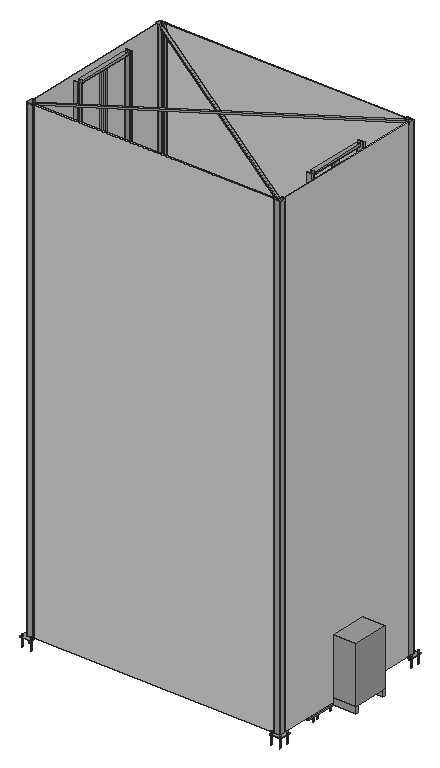
Revit family "1SE_Trez_TC_2C_T_1000_With_Pit", category Specialty Equipment, Revit 2019
Family settings
  Round Connector Dimension = Use Diameter
  Part Type = Normal
  Work Plane-Based = No
  Always vertical = Yes
  Cut with Voids When Loaded = Yes
  Shared = No
  Room Calculation Point = No
Parameters (values of type "Platform-3300x2480mm with Door Height 2500mm")
  Safe Working Load = 1000.00 kg  # constant formula
  Safe Space = if(Cabin or Platform = Cabin, 900.0 mm, if(and(Cabin or Platform = Platform, Door Clear Height > 1900.0 mm), 600.0 mm, 0.0 mm))  # 600.0 mm
  Platform = Speciality_Equipment_Trez_Platform : Platform
  Door Clear Width = Clear Width  # 3300.0 mm
  Door Clear Height = 2500.0 mm
  Clear Width = 3300.0 mm
  URL = "https://trez.bg/en/products/goods-only-lift-tc/tc-2ct-two-cylinders-and-tower/"
  Tower Width = Real Width + 2 * Clearance  # 4030.0 mm
  Tower Depth = Real Depth + 180.0 mm  # 2660.0 mm
  Tower Cladding Material = TREZ_Steel_Cladding
  Real Width = if(Clear Width < 1200.0 mm, 1200.0 mm, if(Clear Width > 3300.0 mm, 3300.0 mm, Clear Width))  # 3300.0 mm
  Real Depth = if(Clear Depth < 1200.0 mm, 1200.0 mm, if(Clear Depth > 2480.0 mm, 2480.0 mm, Clear Depth))  # 2480.0 mm
  Profiles Material = TREZ_Steel_Profiles
  Platform Material = TREZ_Steel_Platform
  Pit Height = 120.0 mm  # constant formula
  Travel = 4500.0 mm
  Rail Height = Travel + Pit Height + Headroom  # 7720.0 mm
  Model = "TC 2C T 1000"
  Manufacturer = "TREZ Ltd."
  Headroom = Door Clear Height + Safe Space  # 3100.0 mm
  Description = "Trez Compact 2 Cylinders Tower. Goods only lift."  # constant formula
  Clear Depth = 2480.0 mm
  Created By URL = "https://all1studio.com/"
  Created By = "All 1 Studio Ltd."
  Clearance = 365.0 mm  # constant formula
  Cabin or Platform Back = yes
  Cabin or Platform = Speciality_Equipment_Trez_Platform : Platform
  Cabin = Speciality_Equipment_Trez_Cabin : Cabin
Reference planes
  plane 1 "Center (Front/Back)": y = 0
  plane 2: z = 0
  plane 3 "Center (Left/Right)": x = 0
  plane 4: x = -1650
  plane 5: x = 1650
  plane 6: y = 1240
  plane 7: y = -1240
  plane 8: x = 2015
  plane 9: y = 1350
  plane 10: x = -2015
  plane 11: y = -1310
  plane 12: x = 1960
  plane 13: x = -1960
  plane 14: y = 1295
  plane 15: y = -1255
  plane 16: z = 4500
  plane 17 "Top of Lift": z = 7600
  plane 18 "Pit": z = -120
  plane 19: x = -1968.5
  plane 20: x = 1968.5
  plane 21: x = 2225
  plane 22: x = -1999.032
  plane 23: x = -1981.032
  plane 24: y = 1334
  plane 25: y = 1316
  plane 26: x = 1999
  plane 27: x = 1981
  plane 28: y = -1294
  plane 29: y = -1276
  plane 30: x = -2075
  plane 31: y = 1410
  plane 32: x = 2075
  plane 33: y = -1370
  plane 34: x = -1828.5
  plane 35: x = 1828.5
  plane 36: z = 7540
  plane 37: z = 40
  plane 38: z = -145
Forms (mm)
  Extrusion 1, solid, material "TREZ_Steel_Cladding" <- "Tower Cladding Material", detail levels coarse+medium
    sketch origin (0, 0, 0) x (1, 0, 0) y (0, 1, 0)
      loop
        line (-2015, 1350) -> (-2015, 1245) -> (-1999.032, 1245) -> (-1999.032, -1205) -> (-2015, -1205) -> (-2015, -1310) -> (-1910, -1310) -> (-1910, -1294) -> (1910, -1294) -> (1910, -1310) -> (2015, -1310) -> (2015, -1205) -> (1999, -1205) -> (1999, 1245) -> (2015, 1245) -> (2015, 1350) -> (1910, 1350) -> (1910, 1334) -> (-1910, 1334) -> (-1910, 1350) -> (-2015, 1350)
      loop
        line (-1960, 1295) -> (-1960, 1245) -> (-1981.032, 1245) -> (-1981.032, -1205) -> (-1960, -1205) -> (-1960, -1255) -> (-1910, -1255) -> (-1910, -1276) -> (1910, -1276) -> (1910, -1255) -> (1960, -1255) -> (1960, -1205) -> (1981, -1205) -> (1981, 1245) -> (1960, 1245) -> (1960, 1295) -> (1910, 1295) -> (1910, 1316) -> (-1910, 1316) -> (-1910, 1295) -> (-1960, 1295)
    from 0 to 7600
  Extrusion 2, void
    sketch origin (0, 0, 0) x (1, 0, 0) y (0, 1, 0)
      loop
        line (-1968.5, 1295) -> (-1968.5, -1255) -> (1968.5, -1255) -> (1968.5, 1295) -> (-1968.5, 1295)
    from 0 to -120
  Extrusion 3, solid, material "TREZ_Steel_Profiles" <- "Profiles Material", detail levels fine
    sketch origin (0, 0, 0) x (1, 0, 0) y (0, 1, 0)
      loop
        line (-2015, 1343) -> (-2015, 1252)
        arc (-2015, 1252) -> (-2012.95, 1247.05) -> (-2008, 1245) r 7
        line (-2008, 1245) -> (-1967, 1245)
        arc (-1967, 1245) -> (-1962.05, 1247.05) -> (-1960, 1252) r 7
        line (-1960, 1252) -> (-1960, 1288)
        arc (-1960, 1288) -> (-1957.95, 1292.95) -> (-1953, 1295) r 7
        line (-1953, 1295) -> (-1917, 1295)
        arc (-1917, 1295) -> (-1912.05, 1297.05) -> (-1910, 1302) r 7
        line (-1910, 1302) -> (-1910, 1343)
        arc (-1910, 1343) -> (-1912.05, 1347.95) -> (-1917, 1350) r 7
        line (-1917, 1350) -> (-2008, 1350)
        arc (-2008, 1350) -> (-2012.95, 1347.95) -> (-2015, 1343) r 7
      loop
        line (2008, 1350) -> (1917, 1350)
        arc (1917, 1350) -> (1912.05, 1347.95) -> (1910, 1343) r 7
        line (1910, 1343) -> (1910, 1302)
        arc (1910, 1302) -> (1912.05, 1297.05) -> (1917, 1295) r 7
        line (1917, 1295) -> (1953, 1295)
        arc (1953, 1295) -> (1957.95, 1292.95) -> (1960, 1288) r 7
        line (1960, 1288) -> (1960, 1252)
        arc (1960, 1252) -> (1962.05, 1247.05) -> (1967, 1245) r 7
        line (1967, 1245) -> (2008, 1245)
        arc (2008, 1245) -> (2012.95, 1247.05) -> (2015, 1252) r 7
        line (2015, 1252) -> (2015, 1343)
        arc (2015, 1343) -> (2012.95, 1347.95) -> (2008, 1350) r 7
      loop
        arc (-2015, -1303) -> (-2012.95, -1307.95) -> (-2008, -1310) r 7
        line (-2008, -1310) -> (-1917, -1310)
        arc (-1917, -1310) -> (-1912.05, -1307.95) -> (-1910, -1303) r 7
        line (-1910, -1303) -> (-1910, -1262)
        arc (-1910, -1262) -> (-1912.05, -1257.05) -> (-1917, -1255) r 7
        line (-1917, -1255) -> (-1953, -1255)
        arc (-1953, -1255) -> (-1957.95, -1252.95) -> (-1960, -1248) r 7
        line (-1960, -1248) -> (-1960, -1212)
        arc (-1960, -1212) -> (-1962.05, -1207.05) -> (-1967, -1205) r 7
        line (-1967, -1205) -> (-2008, -1205)
        arc (-2008, -1205) -> (-2012.95, -1207.05) -> (-2015, -1212) r 7
        line (-2015, -1212) -> (-2015, -1303)
      loop
        arc (2008, -1310) -> (2012.95, -1307.95) -> (2015, -1303) r 7
        line (2015, -1303) -> (2015, -1212)
        arc (2015, -1212) -> (2012.95, -1207.05) -> (2008, -1205) r 7
        line (2008, -1205) -> (1967, -1205)
        arc (1967, -1205) -> (1962.05, -1207.05) -> (1960, -1212) r 7
        line (1960, -1212) -> (1960, -1248)
        arc (1960, -1248) -> (1957.95, -1252.95) -> (1953, -1255) r 7
        line (1953, -1255) -> (1917, -1255)
        arc (1917, -1255) -> (1912.05, -1257.05) -> (1910, -1262) r 7
        line (1910, -1262) -> (1910, -1303)
        arc (1910, -1303) -> (1912.05, -1307.95) -> (1917, -1310) r 7
        line (1917, -1310) -> (2008, -1310)
      loop
        arc (-1913, 1343) -> (-1914.172, 1345.828) -> (-1917, 1347) r 4
        line (-1917, 1347) -> (-2008, 1347)
        arc (-2008, 1347) -> (-2010.828, 1345.828) -> (-2012, 1343) r 4
        line (-2012, 1343) -> (-2012, 1252)
        arc (-2012, 1252) -> (-2010.828, 1249.172) -> (-2008, 1248) r 4
        line (-2008, 1248) -> (-1967, 1248)
        arc (-1967, 1248) -> (-1964.172, 1249.172) -> (-1963, 1252) r 4
        line (-1963, 1252) -> (-1963, 1288)
        arc (-1963, 1288) -> (-1960.071, 1295.071) -> (-1953, 1298) r 10
        line (-1953, 1298) -> (-1917, 1298)
        arc (-1917, 1298) -> (-1914.172, 1299.172) -> (-1913, 1302) r 4
        line (-1913, 1302) -> (-1913, 1343)
      loop
        line (-1913, -1303) -> (-1913, -1262)
        arc (-1913, -1262) -> (-1914.172, -1259.172) -> (-1917, -1258) r 4
        line (-1917, -1258) -> (-1953, -1258)
        arc (-1953, -1258) -> (-1960.071, -1255.071) -> (-1963, -1248) r 10
        line (-1963, -1248) -> (-1963, -1212)
        arc (-1963, -1212) -> (-1964.172, -1209.172) -> (-1967, -1208) r 4
        line (-1967, -1208) -> (-2008, -1208)
        arc (-2008, -1208) -> (-2010.828, -1209.172) -> (-2012, -1212) r 4
        line (-2012, -1212) -> (-2012, -1303)
        arc (-2012, -1303) -> (-2010.828, -1305.828) -> (-2008, -1307) r 4
        line (-2008, -1307) -> (-1917, -1307)
        arc (-1917, -1307) -> (-1914.172, -1305.828) -> (-1913, -1303) r 4
      loop
        line (2012, -1303) -> (2012, -1212)
        arc (2012, -1212) -> (2010.828, -1209.172) -> (2008, -1208) r 4
        line (2008, -1208) -> (1967, -1208)
        arc (1967, -1208) -> (1964.172, -1209.172) -> (1963, -1212) r 4
        line (1963, -1212) -> (1963, -1248)
        arc (1963, -1248) -> (1960.071, -1255.071) -> (1953, -1258) r 10
        line (1953, -1258) -> (1917, -1258)
        arc (1917, -1258) -> (1914.172, -1259.172) -> (1913, -1262) r 4
        line (1913, -1262) -> (1913, -1303)
        arc (1913, -1303) -> (1914.172, -1305.828) -> (1917, -1307) r 4
        line (1917, -1307) -> (2008, -1307)
        arc (2008, -1307) -> (2010.828, -1305.828) -> (2012, -1303) r 4
      loop
        arc (2012, 1343) -> (2010.828, 1345.828) -> (2008, 1347) r 4
        line (2008, 1347) -> (1917, 1347)
        arc (1917, 1347) -> (1914.172, 1345.828) -> (1913, 1343) r 4
        line (1913, 1343) -> (1913, 1302)
        arc (1913, 1302) -> (1914.172, 1299.172) -> (1917, 1298) r 4
        line (1917, 1298) -> (1953, 1298)
        arc (1953, 1298) -> (1960.071, 1295.071) -> (1963, 1288) r 10
        line (1963, 1288) -> (1963, 1252)
        arc (1963, 1252) -> (1964.172, 1249.172) -> (1967, 1248) r 4
        line (1967, 1248) -> (2008, 1248)
        arc (2008, 1248) -> (2010.828, 1249.172) -> (2012, 1252) r 4
        line (2012, 1252) -> (2012, 1343)
    from 5 to 7600
  Extrusion 4, solid, material "TREZ_Steel_Cladding" <- "Tower Cladding Material", detail levels fine
    sketch origin (0, 0, 0) x (1, 0, 0) y (0, 1, 0)
      loop
        line (1999, 1245) -> (1981, 1245) -> (1981, -1205) -> (1999, -1205) -> (1999, 1245)
      loop
        line (1910, 1334) -> (-1910, 1334) -> (-1910, 1316) -> (1910, 1316) -> (1910, 1334)
      loop
        line (1910, -1276) -> (-1910, -1276) -> (-1910, -1294) -> (1910, -1294) -> (1910, -1276)
      loop
        line (-1981.032, -1205) -> (-1981.032, 1245) -> (-1999.032, 1245) -> (-1999.032, -1205) -> (-1981.032, -1205)
    from 0 to 7600
  Extrusion 5, solid, material "TREZ_Steel_Profiles" <- "Profiles Material", detail levels fine
    sketch origin (0, 0, 0) x (1, 0, 0) y (0, 1, 0)
      loop
        arc (1897, 1410) -> (1892.05, 1407.95) -> (1890, 1403) r 7
        line (1890, 1403) -> (1890, 1350) -> (1910, 1350) -> (1910, 1295) -> (1960, 1295) -> (1960, 1245) -> (2015, 1245) -> (2015, 1225) -> (2068, 1225)
        arc (2068, 1225) -> (2072.95, 1227.05) -> (2075, 1232) r 7
        line (2075, 1232) -> (2075, 1403)
        arc (2075, 1403) -> (2072.95, 1407.95) -> (2068, 1410) r 7
        line (2068, 1410) -> (1897, 1410)
      loop
        line (-1897, 1410) -> (-2068, 1410)
        arc (-2068, 1410) -> (-2072.95, 1407.95) -> (-2075, 1403) r 7
        line (-2075, 1403) -> (-2075, 1232)
        arc (-2075, 1232) -> (-2072.95, 1227.05) -> (-2068, 1225) r 7
        line (-2068, 1225) -> (-2015, 1225) -> (-2015, 1245) -> (-1960, 1245) -> (-1960, 1295) -> (-1910, 1295) -> (-1910, 1350) -> (-1890, 1350) -> (-1890, 1403)
        arc (-1890, 1403) -> (-1892.05, 1407.95) -> (-1897, 1410) r 7
      loop
        line (1897, -1370) -> (2068, -1370)
        arc (2068, -1370) -> (2072.95, -1367.95) -> (2075, -1363) r 7
        line (2075, -1363) -> (2075, -1192)
        arc (2075, -1192) -> (2072.95, -1187.05) -> (2068, -1185) r 7
        line (2068, -1185) -> (2015, -1185) -> (2015, -1205) -> (1960, -1205) -> (1960, -1255) -> (1910, -1255) -> (1910, -1310) -> (1890, -1310) -> (1890, -1363)
        arc (1890, -1363) -> (1892.05, -1367.95) -> (1897, -1370) r 7
      loop
        arc (-1897, -1370) -> (-1892.05, -1367.95) -> (-1890, -1363) r 7
        line (-1890, -1363) -> (-1890, -1310) -> (-1910, -1310) -> (-1910, -1255) -> (-1960, -1255) -> (-1960, -1205) -> (-2015, -1205) -> (-2015, -1185) -> (-2068, -1185)
        arc (-2068, -1185) -> (-2072.95, -1187.05) -> (-2075, -1192) r 7
        line (-2075, -1192) -> (-2075, -1363)
        arc (-2075, -1363) -> (-2072.95, -1367.95) -> (-2068, -1370) r 7
        line (-2068, -1370) -> (-1897, -1370)
    from 5 to 0
  Sweep 6, solid, material "TREZ_Steel_Profiles" <- "Profiles Material", detail levels fine
    path origin (0, 0, 7600) x (-1, 0, 0) y (0, -1, 0)
      loop
        line (1960, 1255) -> (-1960, -1295)
    profile origin (0, 20, 7600) x (-0.545289, 0.838248, 0) y (0, 0, 1)
      loop
        line (15, 0) -> (-15, 0) -> (-15, -30) -> (15, -30) -> (15, 0)
  Sweep 7, solid, material "TREZ_Steel_Profiles" <- "Profiles Material", detail levels fine
    path origin (0, 0, 7600) x (-1, 0, 0) y (0, -1, 0)
      loop
        line (1960, -1295) -> (-1960, 1255)
    profile origin (0, 20, 7600) x (0.545289, 0.838248, 0) y (0, 0, 1)
      loop
        line (-15, -60) -> (15, -60) -> (15, -30) -> (-15, -30) -> (-15, -60)
  Extrusion 8, void
    sketch origin (0, 0, 7600) x (-1, 0, 0) y (0, -1, 0)
      loop
        arc (1967, -1245) -> (1962.05, -1247.05) -> (1960, -1252) r 7
        line (1960, -1252) -> (1960, -1288)
        arc (1960, -1288) -> (1957.95, -1292.95) -> (1953, -1295) r 7
        line (1953, -1295) -> (1917, -1295)
        arc (1917, -1295) -> (1912.05, -1297.05) -> (1910, -1302) r 7
        line (1910, -1302) -> (1910, -1343)
        arc (1910, -1343) -> (1912.05, -1347.95) -> (1917, -1350) r 7
        line (1917, -1350) -> (2008, -1350)
        arc (2008, -1350) -> (2012.95, -1347.95) -> (2015, -1343) r 7
        line (2015, -1343) -> (2015, -1252)
        arc (2015, -1252) -> (2012.95, -1247.05) -> (2008, -1245) r 7
        line (2008, -1245) -> (1967, -1245)
      loop
        arc (-1910, -1302) -> (-1912.05, -1297.05) -> (-1917, -1295) r 7
        line (-1917, -1295) -> (-1953, -1295)
        arc (-1953, -1295) -> (-1957.95, -1292.95) -> (-1960, -1288) r 7
        line (-1960, -1288) -> (-1960, -1252)
        arc (-1960, -1252) -> (-1962.05, -1247.05) -> (-1967, -1245) r 7
        line (-1967, -1245) -> (-2008, -1245)
        arc (-2008, -1245) -> (-2012.95, -1247.05) -> (-2015, -1252) r 7
        line (-2015, -1252) -> (-2015, -1343)
        arc (-2015, -1343) -> (-2012.95, -1347.95) -> (-2008, -1350) r 7
        line (-2008, -1350) -> (-1917, -1350)
        arc (-1917, -1350) -> (-1912.05, -1347.95) -> (-1910, -1343) r 7
        line (-1910, -1343) -> (-1910, -1302)
      loop
        arc (-1967, 1205) -> (-1962.05, 1207.05) -> (-1960, 1212) r 7
        line (-1960, 1212) -> (-1960, 1248)
        arc (-1960, 1248) -> (-1957.95, 1252.95) -> (-1953, 1255) r 7
        line (-1953, 1255) -> (-1917, 1255)
        arc (-1917, 1255) -> (-1912.05, 1257.05) -> (-1910, 1262) r 7
        line (-1910, 1262) -> (-1910, 1303)
        arc (-1910, 1303) -> (-1912.05, 1307.95) -> (-1917, 1310) r 7
        line (-1917, 1310) -> (-2008, 1310)
        arc (-2008, 1310) -> (-2012.95, 1307.95) -> (-2015, 1303) r 7
        line (-2015, 1303) -> (-2015, 1212)
        arc (-2015, 1212) -> (-2012.95, 1207.05) -> (-2008, 1205) r 7
        line (-2008, 1205) -> (-1967, 1205)
      loop
        arc (1960, 1212) -> (1962.05, 1207.05) -> (1967, 1205) r 7
        line (1967, 1205) -> (2008, 1205)
        arc (2008, 1205) -> (2012.95, 1207.05) -> (2015, 1212) r 7
        line (2015, 1212) -> (2015, 1303)
        arc (2015, 1303) -> (2012.95, 1307.95) -> (2008, 1310) r 7
        line (2008, 1310) -> (1917, 1310)
        arc (1917, 1310) -> (1912.05, 1307.95) -> (1910, 1303) r 7
        line (1910, 1303) -> (1910, 1262)
        arc (1910, 1262) -> (1912.05, 1257.05) -> (1917, 1255) r 7
        line (1917, 1255) -> (1953, 1255)
        arc (1953, 1255) -> (1957.95, 1252.95) -> (1960, 1248) r 7
        line (1960, 1248) -> (1960, 1212)
    from -60 to 0
  Extrusion 9, solid, material "TREZ_Steel_Profiles" <- "Profiles Material", detail levels fine
    sketch origin (0, 0, 0) x (1, 0, 0) y (0, 1, 0)
      loop
        circle (-2050.697, 1394.303) r 6
      loop
        circle (-1905.697, 1394.303) r 6
      loop
        circle (-2050.697, 1249.303) r 6
      loop
        circle (2050.697, 1394.303) r 6
      loop
        circle (1905.697, 1394.303) r 6
      loop
        circle (2050.697, 1249.303) r 6
      loop
        circle (-2050.697, -1354.303) r 6
      loop
        circle (-1905.697, -1354.303) r 6
      loop
        circle (-2050.697, -1209.303) r 6
      loop
        circle (2050.697, -1354.303) r 6
      loop
        circle (1905.697, -1354.303) r 6
      loop
        circle (2050.697, -1209.303) r 6
    from -145 to 40
Cuts and joins
  Extrusion 2 cuts Extrusion 1
  Extrusion 8 cuts Sweep 6
  Extrusion 8 cuts Sweep 7
  joined: Extrusion 5, Extrusion 9
Lines and regions (mm)
  symbolic lines, style "Profiles"
    curve 1: line (-2015, 1350, 0) -> (-1910, 1350, 0)
    curve 2: line (-1910, 1350, 0) -> (-1910, 1295, 0)
    curve 3: line (-1910, 1295, 0) -> (-1960, 1295, 0)
    curve 4: line (-1960, 1295, 0) -> (-1960, 1245, 0)
    curve 5: line (-1960, 1245, 0) -> (-2015, 1245, 0)
    curve 6: line (-2015, 1245, 0) -> (-2015, 1350, 0)
    curve 7: line (1910, 1350, 0) -> (2015, 1350, 0)
    curve 8: line (2015, 1350, 0) -> (2015, 1245, 0)
    curve 9: line (2015, 1245, 0) -> (1960, 1245, 0)
    curve 10: line (1960, 1245, 0) -> (1960, 1295, 0)
    curve 11: line (1960, 1295, 0) -> (1910, 1295, 0)
    curve 12: line (1910, 1295, 0) -> (1910, 1350, 0)
    curve 13: line (-2015, -1205, 0) -> (-1960, -1205, 0)
    curve 14: line (-1960, -1205, 0) -> (-1960, -1255, 0)
    curve 15: line (-1960, -1255, 0) -> (-1910, -1255, 0)
    curve 16: line (-1910, -1255, 0) -> (-1910, -1310, 0)
    curve 17: line (-1910, -1310, 0) -> (-2015, -1310, 0)
    curve 18: line (-2015, -1310, 0) -> (-2015, -1205, 0)
    curve 19: line (1910, -1255, 0) -> (1960, -1255, 0)
    curve 20: line (1960, -1255, 0) -> (1960, -1205, 0)
    curve 21: line (1960, -1205, 0) -> (2015, -1205, 0)
    curve 22: line (2015, -1205, 0) -> (2015, -1310, 0)
    curve 23: line (2015, -1310, 0) -> (1910, -1310, 0)
    curve 24: line (1910, -1255, 0) -> (1910, -1310, 0)
    curve 25: line (1999, 1245, 0) -> (1981, 1245, 0)
    curve 26: line (1999, -1205, 0) -> (1999, 1245, 0)
    curve 27: line (1981, -1205, 0) -> (1999, -1205, 0)
    curve 28: line (1981, 1245, 0) -> (1981, -1205, 0)
    curve 29: line (1910, -1276, 0) -> (-1910, -1276, 0)
    curve 30: line (1910, -1294, 0) -> (1910, -1276, 0)
    curve 31: line (-1910, -1294, 0) -> (1910, -1294, 0)
    curve 32: line (-1910, -1276, 0) -> (-1910, -1294, 0)
    curve 33: line (-1981.032, -1205, 0) -> (-1999.032, -1205, 0)
    curve 34: line (-1981.032, 1245, 0) -> (-1981.032, -1205, 0)
    curve 35: line (-1999.032, 1245, 0) -> (-1981.032, 1245, 0)
    curve 36: line (-1999.032, -1205, 0) -> (-1999.032, 1245, 0)
    curve 37: line (-1910, 1316, 0) -> (1910, 1316, 0)
    curve 38: line (-1910, 1334, 0) -> (-1910, 1316, 0)
    curve 39: line (1910, 1334, 0) -> (-1910, 1334, 0)
    curve 40: line (1910, 1316, 0) -> (1910, 1334, 0)
  symbolic lines, style "Platform"
    curve 41: line (-1650, 1240, 0) -> (1650, 1240, 0)
    curve 42: line (-1650, -1240, 0) -> (-1650, 1240, 0)
    curve 43: line (1650, -1240, 0) -> (-1650, -1240, 0)
    curve 44: line (1650, 1240, 0) -> (1650, -1240, 0)
    curve 45: line (-1650, 1240, 0) -> (1650, -1240, 0)
    curve 46: line (1650, 1240, 0) -> (-1650, -1240, 0)
  model lines, style "Profiles", detail levels coarse+medium
    curve 47: line (-1960, 1295, 7600) -> (1960, -1255, 7600)
    curve 48: line (1960, 1295, 7600) -> (-1960, -1255, 7600)
Dimensions and locks
  equal spacing: plane 4, plane 3 "Center (Left/Right)", plane 5
  "Real Width": plane 4 to plane 5
  equal spacing: plane 7, plane 1 "Center (Front/Back)", plane 6
  "Real Depth": plane 7 to plane 6
  locked: plane 6 to plane 9 at 110
  locked: plane 7 to plane 11 at 70
  locked: plane 12 to plane 8 at 55
  locked: plane 10 to plane 13 at 55
  locked: plane 14 to plane 9 at 55
  locked: plane 15 to plane 11 at 55
  "Travel": plane 16 to level
  "Pit Height": level to plane 18 "Pit"
  "Clearance": plane 5 to plane 8
  "Clearance": plane 10 to plane 4
  locked: plane 8 to plane 21 at 210
  locked: plane 10 to plane 19 at 46.5
  locked: plane 20 to plane 8 at 46.5
  plane 10 to plane 22 to plane 23 = 15.968 mm locked, 18.0 mm locked
  plane 25 to plane 24 to plane 9 = 18.0 mm locked, 16.0 mm locked
  plane 27 to plane 26 to plane 8 = 18.0 mm locked, 16.0 mm locked
  plane 29 to plane 28 to plane 11 = 18.0 mm locked, 16.0 mm locked
  locked: plane 30 to plane 10 at 60
  locked: plane 9 to plane 31 at 60
  locked: plane 8 to plane 32 at 60
  locked: plane 11 to plane 33 at 60
  locked: plane 10 to plane 34 at 186.5
  locked: plane 35 to plane 8 at 186.5
  "Headroom": plane 17 "Top of Lift" to plane 16
  locked: plane 17 "Top of Lift" to plane 36 at 60
  locked: plane 37 to level at 40
  locked: level to plane 38 at 145
  aligned and locked: level to plane 2
  aligned and locked: plane 9 to Extrusion 1 sketch curve
  aligned and locked: plane 10 to Extrusion 1 sketch curve
  aligned and locked: plane 11 to Extrusion 1 sketch curve
  aligned and locked: plane 8 to Extrusion 1 sketch curve
  aligned and locked: plane 14 to Extrusion 1 sketch curve
  aligned and locked: plane 13 to Extrusion 1 sketch curve
  aligned and locked: plane 15 to Extrusion 1 sketch curve
  aligned and locked: plane 12 to Extrusion 1 sketch curve
  aligned and locked: plane 17 "Top of Lift" to Extrusion 1
  aligned and locked: plane 20 to Extrusion 2 sketch curve
  aligned and locked: plane 15 to Extrusion 2 sketch curve
  aligned and locked: plane 14 to Extrusion 2 sketch curve
  aligned and locked: plane 19 to Extrusion 2 sketch curve
  aligned and locked: Extrusion 2 to plane 18 "Pit"
  aligned and locked: plane 1 "Center (Front/Back)" to nested 1
  aligned and locked: plane 3 "Center (Left/Right)" to nested 1
  aligned and locked: nested 2 to plane 21
  aligned and locked: Extrusion 3 sketch curve to plane 10
  aligned and locked: Extrusion 3 sketch curve to plane 9  (x2)
  aligned and locked: Extrusion 3 sketch curve to plane 13
  aligned and locked: Extrusion 3 sketch curve to plane 14  (x2)
  aligned and locked: plane 8 to Extrusion 3 sketch curve
  aligned and locked: plane 17 "Top of Lift" to Extrusion 3
  aligned and locked: Extrusion 4 sketch curve to Extrusion 3  (x6)
  aligned and locked: Extrusion 4 sketch curve to plane 26
  aligned and locked: plane 27 to Extrusion 4 sketch curve
  aligned and locked: Extrusion 4 sketch curve to plane 24
  aligned and locked: plane 25 to Extrusion 4 sketch curve
  aligned and locked: plane 29 to Extrusion 4 sketch curve
  aligned and locked: Extrusion 4 sketch curve to plane 28
  aligned and locked: Extrusion 3 to Extrusion 4 sketch curve  (x2)
  aligned and locked: Extrusion 4 sketch curve to plane 23
  aligned and locked: plane 22 to Extrusion 4 sketch curve
  aligned and locked: plane 17 "Top of Lift" to Extrusion 4
  aligned and locked: plane 34 to nested 3
  aligned and locked: nested 4 to plane 35
  aligned and locked: nested 3 to plane 18 "Pit"
  aligned and locked: plane 18 "Pit" to nested 4
  aligned and locked: plane 1 "Center (Front/Back)" to nested 3
  aligned and locked: nested 4 to plane 1 "Center (Front/Back)"
  aligned and locked: plane 14 to Sweep 6 sketch curve
  aligned and locked: plane 12 to Sweep 6 sketch curve
  aligned and locked: plane 13 to Sweep 6 sketch curve
  aligned and locked: plane 15 to Sweep 6 sketch curve
  aligned and locked: plane 12 to Sweep 7 sketch curve
  aligned and locked: plane 15 to Sweep 7 sketch curve
  aligned and locked: plane 14 to Sweep 7 sketch curve
  aligned and locked: plane 13 to Sweep 7 sketch curve
  aligned and locked: plane 36 to Extrusion 8
  aligned and locked: plane 17 "Top of Lift" to Extrusion 8
  aligned and locked: Extrusion 9 to plane 38
  aligned and locked: plane 37 to Extrusion 9
  aligned and locked: plane 16 to nested 1
Automatic sketch dimensions
  Extrusion 1 sketch curve to plane 10 = 0.0 mm
  Extrusion 1 sketch curve to plane 22 = 0.0 mm
  Extrusion 1 sketch curve to plane 23 = 0.0 mm
  Extrusion 1 sketch curve to plane 13 = 0.0 mm
  Extrusion 1 sketch curve to plane 29 = 0.0 mm
  Extrusion 1 sketch curve to plane 15 = 0.0 mm
  Extrusion 1 sketch curve to plane 28 = 0.0 mm
  Extrusion 1 sketch curve to plane 11 = 0.0 mm
  plane 25 to Extrusion 1 sketch curve = 0.0 mm
  plane 24 to Extrusion 1 sketch curve = 0.0 mm
  plane 9 to Extrusion 1 sketch curve = 0.0 mm
  plane 14 to Extrusion 1 sketch curve = 0.0 mm
  Extrusion 1 sketch curve to plane 12 = 0.0 mm
  Extrusion 1 sketch curve to plane 27 = 0.0 mm
  Extrusion 1 sketch curve to plane 26 = 0.0 mm
  Extrusion 1 sketch curve to plane 8 = 0.0 mm
  plane 13 to Extrusion 1 sketch curve = 50.0 mm  (x2)
  Extrusion 1 sketch curve to Extrusion 1 sketch curve = 0.0 mm  (x5)
  plane 12 to Extrusion 1 sketch curve = 50.0 mm  (x2)
  plane 7 to Extrusion 1 sketch curve = 35.0 mm  (x3)
  Extrusion 1 sketch curve to plane 6 = 5.0 mm  (x4)
  Extrusion 3 sketch curve to Extrusion 3 sketch curve = 0.0 mm  (x48)
  Extrusion 3 sketch curve to plane 10 = 0.0 mm
  Extrusion 3 sketch curve to plane 11 = 0.0 mm  (x2)
  Extrusion 3 sketch curve to plane 13 = 0.0 mm
  Extrusion 3 sketch curve to plane 15 = 0.0 mm  (x2)
  Extrusion 3 sketch curve to plane 12 = 0.0 mm  (x2)
  Extrusion 3 sketch curve to plane 8 = 0.0 mm
  Extrusion 3 sketch curve to Extrusion 3 sketch curve = 3.0 mm  (x4)
  Extrusion 3 sketch curve to Extrusion 3 sketch curve = 4.0 mm  (x9)
  plane 10 to Extrusion 3 sketch curve = 7.0 mm
  plane 19 to Extrusion 3 sketch curve = 1.5 mm  (x2)
  plane 13 to Extrusion 3 sketch curve = 7.0 mm  (x2)
  Extrusion 3 sketch curve to plane 15 = 7.0 mm  (x2)
  Extrusion 3 sketch curve to Extrusion 3 sketch curve = 36.0 mm  (x2)
  Extrusion 3 sketch curve to plane 14 = 7.0 mm
  plane 9 to Extrusion 3 sketch curve = 7.0 mm
  plane 12 to Extrusion 3 sketch curve = 50.0 mm  (x2)
  Extrusion 3 sketch curve to Extrusion 3 sketch curve = 7.0 mm
  plane 12 to Extrusion 3 sketch curve = 7.0 mm
  plane 20 to Extrusion 3 sketch curve = 1.5 mm  (x2)
  plane 8 to Extrusion 3 sketch curve = 7.0 mm  (x2)
  Extrusion 3 sketch curve to plane 6 = 5.0 mm  (x2)
  plane 7 to Extrusion 3 sketch curve = 28.0 mm  (x2)
  Extrusion 5 sketch curve to plane 30 = 0.0 mm  (x2)
  plane 31 to Extrusion 5 sketch curve = 0.0 mm  (x2)
  Extrusion 5 sketch curve to plane 33 = 0.0 mm  (x2)
  Extrusion 5 sketch curve to plane 10 = 0.0 mm  (x2)
  Extrusion 5 sketch curve to plane 13 = 0.0 mm  (x2)
  plane 9 to Extrusion 5 sketch curve = 0.0 mm  (x2)
  Extrusion 5 sketch curve to plane 11 = 0.0 mm  (x2)
  Extrusion 5 sketch curve to plane 15 = 0.0 mm  (x2)
  plane 14 to Extrusion 5 sketch curve = 0.0 mm  (x2)
  Extrusion 5 sketch curve to plane 12 = 0.0 mm  (x2)
  Extrusion 5 sketch curve to plane 8 = 0.0 mm  (x2)
  Extrusion 5 sketch curve to plane 32 = 0.0 mm  (x2)
  plane 30 to Extrusion 5 sketch curve = 7.0 mm  (x4)
  plane 13 to Extrusion 5 sketch curve = 50.0 mm  (x2)
  Extrusion 5 sketch curve to Extrusion 5 sketch curve = 13.0 mm  (x2)
  plane 31 to Extrusion 5 sketch curve = 7.0 mm
  Extrusion 5 sketch curve to Extrusion 5 sketch curve = 20.0 mm  (x2)
  Extrusion 5 sketch curve to plane 35 = 61.5 mm  (x2)
  Extrusion 5 sketch curve to Extrusion 5 sketch curve = 7.0 mm  (x3)
  Extrusion 5 sketch curve to Extrusion 5 sketch curve = 50.0 mm
  plane 32 to Extrusion 5 sketch curve = 7.0 mm  (x3)
  plane 7 to Extrusion 5 sketch curve = 35.0 mm  (x2)
  plane 7 to Extrusion 5 sketch curve = 48.0 mm  (x2)
  plane 6 to Extrusion 5 sketch curve = 15.0 mm  (x2)
  Extrusion 5 sketch curve to plane 6 = 5.0 mm  (x2)
  profile plane to Sweep 6 sketch curve = 15.0 mm
  Sweep 6 sketch curve to Sweep 6 sketch curve = 30.0 mm
  Sweep 6 sketch curve to profile plane = 15.0 mm
  plane 17 "Top of Lift" to Sweep 6 sketch curve = 0.0 mm
  profile plane to Sweep 7 sketch curve = 15.0 mm
  Sweep 7 sketch curve to profile plane = 15.0 mm
  Sweep 7 sketch curve to plane 17 "Top of Lift" = 60.0 mm
  Sweep 7 sketch curve to Sweep 7 sketch curve = 30.0 mm
  plane 9 to Extrusion 8 sketch curve = 0.0 mm  (x2)
  plane 14 to Extrusion 8 sketch curve = 0.0 mm  (x2)
  Extrusion 8 sketch curve to plane 13 = 0.0 mm  (x2)
  Extrusion 8 sketch curve to plane 10 = 0.0 mm  (x2)
  Extrusion 8 sketch curve to Extrusion 8 sketch curve = 7.0 mm  (x9)
  plane 13 to Extrusion 8 sketch curve = 43.0 mm
  Extrusion 8 sketch curve to Extrusion 8 sketch curve = 36.0 mm  (x2)
  plane 19 to Extrusion 8 sketch curve = 1.5 mm  (x2)
  plane 10 to Extrusion 8 sketch curve = 7.0 mm
  Extrusion 8 sketch curve to plane 6 = 12.0 mm
  Extrusion 8 sketch curve to plane 8 = 0.0 mm  (x2)
  Extrusion 8 sketch curve to plane 12 = 0.0 mm  (x2)
  Extrusion 8 sketch curve to plane 6 = 5.0 mm
  plane 8 to Extrusion 8 sketch curve = 7.0 mm  (x3)
  plane 20 to Extrusion 8 sketch curve = 1.5 mm  (x2)
  Extrusion 8 sketch curve to plane 14 = 7.0 mm
  Extrusion 8 sketch curve to plane 11 = 0.0 mm  (x2)
  Extrusion 8 sketch curve to plane 15 = 0.0 mm  (x2)
  plane 12 to Extrusion 8 sketch curve = 7.0 mm
  plane 11 to Extrusion 8 sketch curve = 7.0 mm  (x2)
  plane 12 to Extrusion 8 sketch curve = 43.0 mm
  Extrusion 8 sketch curve to plane 15 = 7.0 mm
  plane 7 to Extrusion 8 sketch curve = 35.0 mm  (x2)
  plane 13 to Extrusion 8 sketch curve = 50.0 mm
  plane 13 to Extrusion 8 sketch curve = 7.0 mm
  curve 47 to plane 12 = 0.0 mm
  curve 48 to plane 12 = 0.0 mm
  curve 48 to plane 13 = 0.0 mm
  curve 47 to plane 13 = 0.0 mm
  plane 14 to curve 48 = 0.0 mm
  plane 14 to curve 47 = 0.0 mm
  curve 48 to plane 15 = 0.0 mm
  curve 47 to plane 15 = 0.0 mm
  plane 9 to curve 1 = 0.0 mm
  curve 1 to plane 10 = 0.0 mm
  curve 18 to plane 10 = 0.0 mm
  curve 36 to plane 22 = 0.0 mm
  curve 35 to plane 23 = 0.0 mm
  curve 4 to plane 13 = 0.0 mm
  curve 15 to plane 13 = 0.0 mm
  plane 25 to curve 37 = 0.0 mm
  curve 15 to plane 15 = 0.0 mm
  curve 16 to plane 11 = 0.0 mm
  plane 24 to curve 38 = 0.0 mm
  curve 32 to plane 28 = 0.0 mm
  curve 32 to plane 29 = 0.0 mm
  plane 14 to curve 2 = 0.0 mm
  curve 42 to plane 4 = 0.0 mm
  curve 44 to plane 5 = 0.0 mm
  curve 24 to plane 11 = 0.0 mm
  curve 24 to plane 15 = 0.0 mm
  plane 14 to curve 11 = 0.0 mm
  plane 9 to curve 7 = 0.0 mm
  curve 19 to plane 12 = 0.0 mm
  curve 11 to plane 12 = 0.0 mm
  curve 25 to plane 27 = 0.0 mm
  curve 27 to plane 26 = 0.0 mm
  curve 22 to plane 8 = 0.0 mm
  curve 9 to plane 8 = 0.0 mm
  curve 43 to plane 7 = 0.0 mm
  plane 6 to curve 44 = 0.0 mm
  plane 13 to curve 37 = 50.0 mm
  plane 13 to curve 15 = 50.0 mm
  curve 32 to curve 16 = 0.0 mm
  curve 2 to curve 37 = 0.0 mm
  plane 12 to curve 29 = 50.0 mm
  curve 24 to curve 30 = 0.0 mm
  plane 12 to curve 39 = 50.0 mm
  curve 11 to curve 37 = 0.0 mm
  plane 7 to curve 14 = 35.0 mm
  curve 33 to curve 13 = 0.0 mm
  plane 7 to curve 28 = 35.0 mm
  curve 20 to curve 27 = 0.0 mm
  curve 10 to plane 6 = 5.0 mm
  curve 28 to plane 6 = 5.0 mm
  curve 35 to plane 6 = 5.0 mm
  curve 6 to plane 6 = 5.0 mm
  plane 30 to Extrusion 9 sketch curve = 24.303 mm  (x4)
  Extrusion 9 sketch curve to plane 6 = 9.303 mm  (x2)
  plane 31 to Extrusion 9 sketch curve = 15.697 mm  (x4)
  plane 13 to Extrusion 9 sketch curve = 54.303 mm  (x2)
  plane 33 to Extrusion 9 sketch curve = 15.697 mm  (x4)
  plane 12 to Extrusion 9 sketch curve = 54.303 mm  (x2)
  plane 32 to Extrusion 9 sketch curve = 24.303 mm  (x4)
  plane 7 to Extrusion 9 sketch curve = 30.697 mm  (x2)
  radius of Extrusion 9 sketch curve = 6.0 mm  (x12)
Nested families
  nested 1: "Speciality_Equipment_Trez_Platform" at (0, 0, 4500), type <- "Cabin or Platform", type "Platform"
    with Width 3300.0 mm, Depth 2480.0 mm
  nested 2: "Electrical_Equpment_Trez_Cabinet" at (2225, 0, 0) x (0, 1, 0) z (0, 0, 1), type "Cabinet"
  nested 3: "Generic_Model_Trez_Rails" at (-1828.5, 0, -120), type "Rails"
    with Height 7720.0 mm
  nested 4: "Generic_Model_Trez_Rails" at (1828.5, 0, -120) x (-1, 0, 0) z (0, 0, 1), type "Rails"
    with Height 7720.0 mm
Definition of nested family "Speciality_Equipment_Trez_Platform"
  Parameters (values of type "Speciality_Equipment_Trez_Platform")
    Width = 3600.0 mm
    Platform Material = none
    Depth = 2900.0 mm
    Back Board = yes
  Reference planes
    plane 1 "Center (Front/Back)": y = 0
    plane 2 "Bottom": z = 0
    plane 3 "Center (Left/Right)": x = 0
    plane 4: x = 1800
    plane 5: x = -1800
    plane 6: y = 1450
    plane 7: y = -1450
    plane 8: x = -1889
    plane 9: x = 1889
    plane 10: y = 1485
    plane 11: z = -89
    plane 12: z = 709
  Forms (mm)
    Extrusion 1, solid, material <- "Platform Material", visible <- "Back Board"
      sketch origin (0, 0, 0) x (1, 0, 0) y (0, 1, 0)
        loop
          line (-1889, 1485) -> (-1889, 1450) -> (1889, 1450) -> (1889, 1485) -> (-1889, 1485)
      from 0 to 709
    Extrusion 2, solid, material <- "Platform Material", detail levels coarse+medium
      sketch origin (0, 0, 0) x (1, 0, 0) y (0, 0, 1)
        loop
          line (-1800, 709) -> (-1889, 709) -> (-1889, -89) -> (1889, -89) -> (1889, 709) -> (1800, 709) -> (1800, 0) -> (-1800, 0) -> (-1800, 709)
      from -1450 to 1450
    Extrusion 3, solid, material <- "Platform Material", detail levels fine
      sketch origin (0, 0, 0) x (1, 0, 0) y (0, 0, 1)
        loop
          arc (-1874, 709) -> (-1884.607, 704.607) -> (-1889, 694) r 15
          line (-1889, 694) -> (-1889, -74)
          arc (-1889, -74) -> (-1884.607, -84.607) -> (-1874, -89) r 15
          line (-1874, -89) -> (1874, -89)
          arc (1874, -89) -> (1884.607, -84.607) -> (1889, -74) r 15
          line (1889, -74) -> (1889, 694)
          arc (1889, 694) -> (1884.607, 704.607) -> (1874, 709) r 15
          line (1874, 709) -> (1815, 709)
          arc (1815, 709) -> (1804.393, 704.607) -> (1800, 694) r 15
          line (1800, 694) -> (1800, 15)
          arc (1800, 15) -> (1795.607, 4.393) -> (1785, 0) r 15
          line (1785, 0) -> (-1785, 0)
          arc (-1785, 0) -> (-1795.607, 4.393) -> (-1800, 15) r 15
          line (-1800, 15) -> (-1800, 694)
          arc (-1800, 694) -> (-1804.393, 704.607) -> (-1815, 709) r 15
          line (-1815, 709) -> (-1874, 709)
      from -1450 to 1450
  Dimensions and locks
    equal spacing: plane 5, plane 3 "Center (Left/Right)", plane 4
    "Width": plane 5 to plane 4
    equal spacing: plane 7, plane 1 "Center (Front/Back)", plane 6
    "Depth": plane 6 to plane 7
    locked: plane 8 to plane 5 at 89
    locked: plane 4 to plane 9 at 89
    locked: plane 10 to plane 6 at 35
    locked: plane 2 "Bottom" to plane 11 at 89
    locked: plane 12 to plane 2 "Bottom" at 709
    aligned and locked: level to plane 2 "Bottom"
    aligned and locked: Extrusion 1 sketch curve to plane 10
    aligned and locked: plane 8 to Extrusion 1 sketch curve
    aligned and locked: plane 5 to Extrusion 2 sketch curve
    aligned and locked: plane 8 to Extrusion 2 sketch curve
    aligned and locked: Extrusion 2 sketch curve to plane 9
    aligned and locked: Extrusion 2 sketch curve to plane 4
    aligned and locked: Extrusion 2 sketch curve to plane 2 "Bottom"
    aligned and locked: Extrusion 2 sketch curve to plane 11
    aligned and locked: Extrusion 2 sketch curve to plane 12
    aligned and locked: Extrusion 2 to plane 6
    aligned and locked: Extrusion 2 to plane 7
    aligned and locked: Extrusion 3 sketch curve to plane 12
    aligned and locked: plane 8 to Extrusion 3 sketch curve
    aligned and locked: plane 5 to Extrusion 3 sketch curve
    aligned and locked: Extrusion 3 sketch curve to plane 4
    aligned and locked: Extrusion 3 sketch curve to plane 9
    aligned and locked: Extrusion 3 sketch curve to plane 2 "Bottom"
    aligned and locked: Extrusion 3 sketch curve to plane 11
    aligned and locked: Extrusion 3 to plane 7
    aligned and locked: Extrusion 3 to plane 6
  Automatic sketch dimensions
    plane 12 to Extrusion 2 sketch curve = 0.0 mm
    Extrusion 1 sketch curve to plane 6 = 0.0 mm
    Extrusion 1 sketch curve to plane 9 = 0.0 mm
    Extrusion 3 sketch curve to plane 12 = 0.0 mm
    Extrusion 3 sketch curve to Extrusion 3 sketch curve = 15.0 mm  (x4)
    plane 5 to Extrusion 3 sketch curve = 15.0 mm
    Extrusion 3 sketch curve to plane 4 = 15.0 mm
    plane 4 to Extrusion 3 sketch curve = 15.0 mm
    Extrusion 3 sketch curve to plane 9 = 15.0 mm
Definition of nested family "Electrical_Equpment_Trez_Cabinet"
  Parameters (values of type "Electrical_Equpment_Trez_Cabinet")
    Width = 584.0 mm
    Depth = 348.0 mm
    Cabinet Material = none
  Reference planes
    plane 1 "Center (Front/Back)": y = 0
    plane 2: z = 0
    plane 3 "Center (Left/Right)": x = 0
    plane 4: x = -292
    plane 5: x = 292
    plane 6: y = 174
    plane 7: y = -174
    plane 8: z = 100
    plane 9: z = 1000
    plane 10: x = -257
    plane 11: x = 257
  Forms (mm)
    Extrusion 1, solid, material <- "Cabinet Material", detail levels fine
      sketch origin (0, 0, 0) x (1, 0, 0) y (0, 1, 0)
        loop
          line (-292, 174) -> (-292, -174) -> (292, -174) -> (292, 174) -> (-292, 174)
      from 100 to 1000
    Extrusion 2, solid, material <- "Cabinet Material", detail levels fine
      sketch origin (0, 0, 0) x (1, 0, 0) y (0, 1, 0)
        loop
          line (-257, 174) -> (-292, 174) -> (-292, -174) -> (-257, -174) -> (-257, 174)
        loop
          line (257, 174) -> (257, -174) -> (292, -174) -> (292, 174) -> (257, 174)
      from 0 to 100
    Extrusion 3, solid, detail levels coarse+medium
      sketch origin (0, 0, 0) x (1, 0, 0) y (0, 1, 0)
        loop
          line (-292, 174) -> (-292, -174) -> (292, -174) -> (292, 174) -> (-292, 174)
      from 0 to 1000
  Lines and regions (mm)
    symbolic lines
      curve 1: line (-292, 174, 0) -> (292, 174, 0)
      curve 2: line (-292, -174, 0) -> (-292, 174, 0)
      curve 3: line (292, -174, 0) -> (-292, -174, 0)
      curve 4: line (292, 174, 0) -> (292, -174, 0)
  Dimensions and locks
    equal spacing: plane 4, plane 3 "Center (Left/Right)", plane 5
    "Width": plane 4 to plane 5
    equal spacing: plane 7, plane 1 "Center (Front/Back)", plane 6
    "Depth": plane 7 to plane 6
    plane 9 to plane 8 to plane 2 = 900.0 mm locked, 100.0 mm locked
    aligned and locked: level to plane 2
    aligned and locked: plane 6 to Extrusion 1 sketch curve
    aligned and locked: plane 4 to Extrusion 1 sketch curve
    aligned and locked: plane 7 to Extrusion 1 sketch curve
    aligned and locked: plane 5 to Extrusion 1 sketch curve
    aligned and locked: plane 9 to Extrusion 1
    aligned and locked: Extrusion 1 to plane 8
    aligned and locked: Extrusion 2 sketch curve to plane 6
    aligned and locked: plane 10 to Extrusion 2 sketch curve
    aligned and locked: Extrusion 2 sketch curve to Extrusion 1  (x4)
    aligned and locked: plane 6 to Extrusion 2 sketch curve
    aligned and locked: Extrusion 2 sketch curve to plane 11
    aligned and locked: plane 8 to Extrusion 2
    aligned and locked: Extrusion 2 to level
    aligned and locked: Extrusion 3 sketch curve to Extrusion 1  (x4)
    aligned and locked: Extrusion 3 to plane 2
    aligned and locked: plane 9 to Extrusion 3
    aligned and locked: curve 1 to Extrusion 1
    aligned and locked: curve 2 to Extrusion 1
    aligned and locked: curve 3 to Extrusion 1
    aligned and locked: curve 4 to Extrusion 1
Definition of nested family "Generic_Model_Trez_Rails"
  Parameters (values of type "Generic_Model_Trez_Rails")
    Profiles Material = none
    Height = 7100.0 mm
  Reference planes
    plane 1 "Center (Front/Back)": y = 0
    plane 2: z = 0
    plane 3 "Center (Left/Right)": x = 0
    plane 4: x = 87.2
    plane 5: x = -87.2
    plane 6: y = 607.5
    plane 7: y = -607.5
    plane 8: z = 7100
    plane 9: z = 15
    plane 10: z = 7065
    plane 11: z = -95
  Forms (mm)
    Extrusion 1, solid, material <- "Profiles Material", detail levels fine
      sketch origin (0, 0, 0) x (1, 0, 0) y (0, 1, 0)
        loop
          line (77.2, 607.5) -> (-77.2, 607.5)
          arc (-77.2, 607.5) -> (-84.271, 604.571) -> (-87.2, 597.5) r 10
          line (-87.2, 597.5) -> (-87.2, -597.5)
          arc (-87.2, -597.5) -> (-84.271, -604.571) -> (-77.2, -607.5) r 10
          line (-77.2, -607.5) -> (77.2, -607.5)
          arc (77.2, -607.5) -> (84.271, -604.571) -> (87.2, -597.5) r 10
          line (87.2, -597.5) -> (87.2, 597.5)
          arc (87.2, 597.5) -> (84.271, 604.571) -> (77.2, 607.5) r 10
      from 0 to 15
    Extrusion 2, solid, material <- "Profiles Material", detail levels fine
      sketch origin (0, 0, 0) x (1, 0, 0) y (0, 1, 0)
        loop
          line (-61.5, -517.5) -> (28.5, -517.5) -> (28.5, -509.5) -> (-3.5, -509.5)
          arc (-3.5, -509.5) -> (-7.036, -508.036) -> (-8.5, -504.5) r 5
          line (-8.5, -504.5) -> (-8.5, -442.5) -> (-24.5, -442.5) -> (-24.5, -504.5)
          arc (-24.5, -504.5) -> (-25.964, -508.036) -> (-29.5, -509.5) r 5
          line (-29.5, -509.5) -> (-61.5, -509.5) -> (-61.5, -517.5)
        loop
          line (-37.94, -40) -> (-1.94, -40)
          arc (-1.94, -40) -> (8.667, -35.607) -> (13.06, -25) r 15
          line (13.06, -25) -> (13.06, 25)
          arc (13.06, 25) -> (8.667, 35.607) -> (-1.94, 40) r 15
          line (-1.94, 40) -> (-37.94, 40) -> (-37.94, -40)
        loop
          line (-61.5, 517.5) -> (-61.5, 509.5) -> (-29.5, 509.5)
          arc (-29.5, 509.5) -> (-25.964, 508.036) -> (-24.5, 504.5) r 5
          line (-24.5, 504.5) -> (-24.5, 442.5) -> (-8.5, 442.5) -> (-8.5, 504.5)
          arc (-8.5, 504.5) -> (-7.036, 508.036) -> (-3.5, 509.5) r 5
          line (-3.5, 509.5) -> (28.5, 509.5) -> (28.5, 517.5) -> (-61.5, 517.5)
      from 15 to 7100
    Extrusion 3, solid, material <- "Profiles Material", detail levels fine
      sketch origin (0, 0, 0) x (1, 0, 0) y (0, 0, 1)
        loop
          line (-51.5, 7100) -> (-51.5, 7070)
          arc (-51.5, 7070) -> (-50.036, 7066.464) -> (-46.5, 7065) r 5
          line (-46.5, 7065) -> (13.5, 7065)
          arc (13.5, 7065) -> (17.036, 7066.464) -> (18.5, 7070) r 5
          line (18.5, 7070) -> (18.5, 7100) -> (-51.5, 7100)
      from -442.5 to 442.5
    Extrusion 4, solid, material <- "Profiles Material", detail levels coarse+medium
      sketch origin (0, 0, 0) x (1, 0, 0) y (0, 1, 0)
        loop
          line (87.2, 607.5) -> (-87.2, 607.5) -> (-87.2, -607.5) -> (87.2, -607.5) -> (87.2, 607.5)
      from 0 to 15
    Extrusion 5, solid, material <- "Profiles Material", detail levels coarse+medium
      sketch origin (0, 0, 0) x (1, 0, 0) y (0, 1, 0)
        loop
          line (-61.5, -517.5) -> (28.5, -517.5) -> (28.5, -442.5) -> (-61.5, -442.5) -> (-61.5, -517.5)
        loop
          line (-37.94, -40) -> (13.06, -40) -> (13.06, 40) -> (-37.94, 40) -> (-37.94, -40)
        loop
          line (-61.5, 517.5) -> (-61.5, 442.5) -> (28.5, 442.5) -> (28.5, 517.5) -> (-61.5, 517.5)
      from 15 to 7100
    Extrusion 6, solid, material <- "Profiles Material", detail levels coarse+medium
      sketch origin (0, 0, 0) x (1, 0, 0) y (0, 0, 1)
        loop
          line (-51.5, 7100) -> (-51.5, 7070)
          arc (-51.5, 7070) -> (-50.036, 7066.464) -> (-46.5, 7065) r 5
          line (-46.5, 7065) -> (13.5, 7065)
          arc (13.5, 7065) -> (17.036, 7066.464) -> (18.5, 7070) r 5
          line (18.5, 7070) -> (18.5, 7100) -> (-51.5, 7100)
      from -442.5 to 442.5
    Extrusion 7, solid, material <- "Profiles Material", detail levels fine
      sketch origin (0, 0, 0) x (1, 0, 0) y (0, 1, 0)
        loop
          circle (46.2, 480) r 7.5
        loop
          circle (-43.8, 480) r 7.5
        loop
          circle (-43.8, 390) r 7.5
        loop
          circle (46.2, -480) r 7.5
        loop
          circle (-43.8, -480) r 7.5
        loop
          circle (-43.8, -390) r 7.5
        loop
          circle (-43.8, -130) r 7.5
        loop
          circle (-43.8, 130) r 7.5
        loop
          circle (46.2, 0.052) r 7.5
      from -95 to 0
  Cuts and joins
    joined: Extrusion 2, Extrusion 3
    joined: Extrusion 5, Extrusion 6
  Lines and regions (mm)
    symbolic lines
      curve 1: line (28.5, 442.5, 0) -> (-61.5, 442.5, 0)
      curve 2: line (28.5, 517.5, 0) -> (28.5, 442.5, 0)
      curve 3: line (-61.5, 517.5, 0) -> (28.5, 517.5, 0)
      curve 4: line (-61.5, 442.5, 0) -> (-61.5, 517.5, 0)
      curve 5: line (13.06, 40, 0) -> (-37.94, 40, 0)
      curve 6: line (13.06, -40, 0) -> (13.06, 40, 0)
      curve 7: line (-37.94, -40, 0) -> (13.06, -40, 0)
      curve 8: line (-37.94, 40, 0) -> (-37.94, -40, 0)
      curve 9: line (28.5, -442.5, 0) -> (-61.5, -442.5, 0)
      curve 10: line (28.5, -517.5, 0) -> (28.5, -442.5, 0)
      curve 11: line (-61.5, -517.5, 0) -> (28.5, -517.5, 0)
      curve 12: line (-61.5, -442.5, 0) -> (-61.5, -517.5, 0)
      curve 13: line (87.2, -607.5, 0) -> (-87.2, -607.5, 0)
      curve 14: line (87.2, 607.5, 0) -> (87.2, -607.5, 0)
      curve 15: line (-87.2, 607.5, 0) -> (87.2, 607.5, 0)
      curve 16: line (-87.2, -607.5, 0) -> (-87.2, 607.5, 0)
  Dimensions and locks
    equal spacing: plane 5, plane 3 "Center (Left/Right)", plane 4
    plane 5 to plane 4 = 174.4 mm
    equal spacing: plane 6, plane 1 "Center (Front/Back)", plane 7
    plane 7 to plane 6 = 1215.0 mm
    "Height": plane 8 to plane 2
    locked: plane 9 to plane 2 at 15
    locked: plane 8 to Extrusion 3 sketch curve at 35
    locked: plane 8 to plane 10 at 35
    locked: plane 2 to plane 11 at 95
    aligned and locked: level to plane 2
    aligned and locked: Extrusion 1 sketch curve to plane 6
    aligned and locked: plane 4 to Extrusion 1 sketch curve
    aligned and locked: Extrusion 1 sketch curve to plane 7
    aligned and locked: plane 5 to Extrusion 1 sketch curve
    aligned and locked: plane 8 to Extrusion 2
    aligned and locked: Extrusion 1 to plane 9
    aligned and locked: plane 9 to Extrusion 2
    aligned and locked: Extrusion 4 sketch curve to plane 6
    aligned and locked: plane 4 to Extrusion 4 sketch curve
    aligned and locked: Extrusion 4 sketch curve to plane 7
    aligned and locked: plane 5 to Extrusion 4 sketch curve
    aligned and locked: Extrusion 4 to plane 9
    aligned and locked: Extrusion 4 to plane 2
    aligned and locked: plane 8 to Extrusion 5
    aligned and locked: plane 8 to Extrusion 3 sketch curve
    aligned and locked: Extrusion 3 to Extrusion 5  (x2)
    aligned and locked: Extrusion 7 to plane 11
    aligned and locked: plane 2 to Extrusion 7
  Automatic sketch dimensions
    Extrusion 2 sketch curve to plane 5 = 25.7 mm  (x2)
    Extrusion 2 sketch curve to plane 3 "Center (Left/Right)" = 29.5 mm  (x2)
    Extrusion 2 sketch curve to Extrusion 2 sketch curve = 5.0 mm
    Extrusion 2 sketch curve to plane 3 "Center (Left/Right)" = 24.5 mm
    Extrusion 2 sketch curve to plane 3 "Center (Left/Right)" = 8.5 mm  (x2)
    Extrusion 2 sketch curve to plane 3 "Center (Left/Right)" = 3.5 mm  (x2)
    Extrusion 2 sketch curve to plane 3 "Center (Left/Right)" = 1.94 mm  (x2)
    Extrusion 2 sketch curve to Extrusion 2 sketch curve = 15.0 mm
    plane 3 "Center (Left/Right)" to Extrusion 2 sketch curve = 28.5 mm  (x2)
    plane 7 to Extrusion 2 sketch curve = 90.0 mm
    Extrusion 2 sketch curve to Extrusion 2 sketch curve = 8.0 mm  (x3)
    Extrusion 2 sketch curve to Extrusion 2 sketch curve = 62.0 mm  (x2)
    Extrusion 2 sketch curve to plane 1 "Center (Front/Back)" = 25.0 mm
    plane 6 to Extrusion 2 sketch curve = 165.0 mm
    Extrusion 2 sketch curve to Extrusion 2 sketch curve = 0.0 mm
    Extrusion 2 sketch curve to plane 3 "Center (Left/Right)" = 37.94 mm
    plane 1 "Center (Front/Back)" to Extrusion 2 sketch curve = 40.0 mm
    Extrusion 3 sketch curve to Extrusion 3 sketch curve = 5.0 mm  (x2)
    plane 3 "Center (Left/Right)" to Extrusion 3 sketch curve = 13.5 mm
    Extrusion 3 sketch curve to plane 5 = 40.7 mm
    Extrusion 1 sketch curve to plane 5 = 10.0 mm
    Extrusion 1 sketch curve to Extrusion 1 sketch curve = 10.0 mm
    Extrusion 1 sketch curve to plane 4 = 10.0 mm  (x2)
    Extrusion 5 sketch curve to plane 5 = 25.7 mm  (x2)
    Extrusion 5 sketch curve to plane 3 "Center (Left/Right)" = 37.94 mm
    plane 3 "Center (Left/Right)" to Extrusion 5 sketch curve = 28.5 mm  (x2)
    plane 3 "Center (Left/Right)" to Extrusion 5 sketch curve = 13.06 mm
    plane 7 to Extrusion 5 sketch curve = 90.0 mm
    plane 1 "Center (Front/Back)" to Extrusion 5 sketch curve = 40.0 mm
    plane 6 to Extrusion 5 sketch curve = 165.0 mm
    Extrusion 5 sketch curve to Extrusion 5 sketch curve = 75.0 mm  (x2)
    Extrusion 5 sketch curve to plane 1 "Center (Front/Back)" = 40.0 mm
    Extrusion 6 sketch curve to plane 8 = 0.0 mm
    Extrusion 6 sketch curve to plane 10 = 0.0 mm
    plane 10 to Extrusion 6 sketch curve = 5.0 mm  (x2)
    Extrusion 6 sketch curve to plane 5 = 35.7 mm
    plane 3 "Center (Left/Right)" to Extrusion 6 sketch curve = 13.5 mm
    curve 16 to plane 5 = 0.0 mm
    curve 15 to plane 4 = 0.0 mm
    curve 13 to plane 7 = 0.0 mm
    plane 6 to curve 15 = 0.0 mm
    curve 3 to plane 5 = 25.7 mm
    curve 12 to plane 5 = 25.7 mm
    curve 5 to plane 3 "Center (Left/Right)" = 37.94 mm
    plane 3 "Center (Left/Right)" to curve 5 = 13.06 mm
    plane 3 "Center (Left/Right)" to curve 11 = 28.5 mm
    plane 3 "Center (Left/Right)" to curve 2 = 28.5 mm
    plane 7 to curve 11 = 90.0 mm
    curve 10 to curve 10 = 75.0 mm
    plane 1 "Center (Front/Back)" to curve 7 = 40.0 mm
    curve 5 to plane 1 "Center (Front/Back)" = 40.0 mm
    plane 6 to curve 2 = 165.0 mm
    curve 1 to curve 3 = 75.0 mm
    Extrusion 7 sketch curve to plane 5 = 43.4 mm  (x6)
    Extrusion 7 sketch curve to plane 4 = 41.0 mm  (x3)
    plane 7 to Extrusion 7 sketch curve = 127.5 mm
    Extrusion 7 sketch curve to Extrusion 7 sketch curve = 0.0 mm  (x2)
    Extrusion 7 sketch curve to Extrusion 7 sketch curve = 90.0 mm  (x2)
    plane 6 to Extrusion 7 sketch curve = 217.5 mm
    Extrusion 7 sketch curve to plane 1 "Center (Front/Back)" = 0.052 mm
    plane 1 "Center (Front/Back)" to Extrusion 7 sketch curve = 130.0 mm
    Extrusion 7 sketch curve to plane 1 "Center (Front/Back)" = 130.0 mm
    radius of Extrusion 7 sketch curve = 7.5 mm  (x9)
